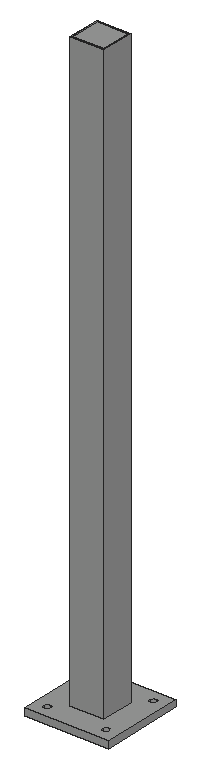
Revit family "ALTERNATING_ALUMINUM_PLANK_PANEL_POST", category Specialty Equipment, Revit 2023
Family settings
  Round Connector Dimension = Use Diameter
  Part Type = Normal
  OmniClass Number = 23.55.00.00
  OmniClass Title = Manufactured Structures
  Work Plane-Based = Yes
  Enable Cutting in Views = No
  Always vertical = No
  Cut with Voids When Loaded = No
  Maintain Annotation Orientation = No
  Shared = No
  Room Calculation Point = No
Parameters (values of type "Assembly")
  Warranty URL = "https://palmshieldlouvers.com/wp-content/uploads/2020/01/PalmSHIELD-Warranty-NO-SIGN-LINE.pdf"
  Version = "2020 - v1.0a"  # constant formula
  URL = "https://palmshieldlouvers.com/"
  Product Page URL = "https://palmshieldlouvers.com/products/mercury-eco-semi-private/"
  Product Documentation Link = "https://palmshieldlouvers.com/wp-content/uploads/2022/01/Mercury-Economic-Alternating-Semi-Private.pdf"
  Post Position [instance] = 1
  Model = "Mercury Economic - Alternating - Semi Private"  # constant formula
  Material = Metal - PalmSHIELD - Dusty Grey
  Manufacturer Phone Number = "531-329-4406 "  # constant formula
  Manufacturer Email = "mailto: info@palmshieldlouvers.com"
  Manufacturer Address = "12330 Cary Circle, La Vista, NE 68128"  # constant formula
  Manufacturer = "PalmSHIELD"  # constant formula
  Keynote = "05 10 00"
  Instruction Sheet Link = "https://palmshieldlouvers.com/wp-content/uploads/2021/09/PalmSHIELD-Mercury-Series-Post-Panel-Gate-Installation-Instructions-2.docx"
  ID [instance] = "Not Assigned"
  Height [instance] = if(Desired Overall Height < C Min Height, C Min Height, if(Desired Overall Height > C Max Height, C Max Height, Desired Overall Height))  # 6' - 0"
  Desired Overall Height [instance] = 6' - 0"
  Description = "Mercury Economic - Alternating - Semi Private - Square Post"  # constant formula
  Default Elevation = 0' - 0"
  Copyright = "Copyright ©2024 The American Fence Company and PalmSHIELD. All Rights Reserved."  # constant formula
  Component Vis [instance] = yes
  Component Name [instance] = "Mercury Economic - Alternating - Semi Private - Square Post"  # constant formula
  C Post Width = 0' - 4"  # constant formula
  C Min Height [instance] = 3' - 4"  # constant formula
  C Max Height [instance] = 6' - 0"  # constant formula
  Assembly Code = "F1020100"
Reference planes (in)
  plane 1 "Center (Front/Back)": y = 0
  plane 2: z = 0
  plane 3 "Center (Left/Right)": x = 0
  plane 4: z = 72
  plane 5: y = 2
  plane 6: y = -2
  plane 7: x = 2
  plane 8: x = -2
Lines and regions (in)
  reference lines
    curve 1: line (-24.29961, 0, 72) -> (24.70039, 0, 72)
Dimensions and locks (in)
  "Desired Overall Height": curve 1 to plane 2
  "Height": plane 4 to plane 2
  equal spacing: plane 8, plane 3 "Center (Left/Right)", plane 7
  equal spacing: plane 5, plane 1 "Center (Front/Back)", plane 6
  "C Post Width": plane 5 to plane 6
  "C Post Width": plane 8 to plane 7
  aligned and locked: plane 2 to level
Automatic sketch dimensions
  curve 1 to plane 8 = 1' - 10.29961"
  curve 1 to plane 7 = 1' - 10.70039"
Nested families (in)
  nested 1: "Screening-Louver-Assembly-Post-Palmshield-Mercury-Economic-Alternating-Semi_Private-Aluminum" at (0, 0, 0), Desired Overall Height <- "Desired Overall Height", Overall Height <- "Height", ID <- "ID", Component Vis <- "Component Vis", Post Position <- "Post Position", visible <- "Component Vis", type "Assembly"
    with Post Position 1, Overall Height 6' - 0", ID "Not Assigned", Desired Overall Height 6' - 0", Component Vis (Single) yes, Component Vis (Double) no, Component Vis yes, Component Name "Mercury Economic Alternating Semi Private - Post Assembly", C Post Offset 0' - 0"
  nested 2: "Nested-Base_Plate-Palmshield-Mercury_Economic" at (0, 0, 0), type "10" x 10" x 3/4""
    with Material Metal - PalmSHIELD - Dusty Grey, ID "Not Assigned", Component Vis yes, Component Name "Mercury Economic - Aluminum - Base Plate"
  nested 3: "Nested-Square_Post-Aluminum-Palmshield-Mercury_Economic" at (0, 0, 0.75), type "4" X 4" X 1/8" SQ. TUBE"
    with Material Metal - PalmSHIELD - Dusty Grey, Length 5' - 11 1/4", ID "Not Assigned", Component Vis yes, Component Name "Mercury Economic - Aluminum - Square Post"
  nested 4: "Nested-Top_Cap-Palmshield-Mercury_Economic" at (0, 0, 72) x (1, 0, 0) z (0, 0, -1), type "3 3/4" x 3 3/4" x 1/8""
    with Material Metal - PalmSHIELD - Dusty Grey, ID "Not Assigned", Component Vis yes, Component Name "Mercury Economic - Aluminum - Square Top Cap"
Definition of nested family "Nested-Base_Plate-Palmshield-Mercury_Economic"
  Parameters (values of type "10" x 14" x 3/4"")
    Width = if(Constraints = 1, 0' 10", 1' 2")  # 1' - 2"
    Warranty URL = "https://palmshieldlouvers.com/wp-content/uploads/2020/01/PalmSHIELD-Warranty-NO-SIGN-LINE.pdf"
    Version = "2020 - v1.0a"  # constant formula
    URL = "https://palmshieldlouvers.com/"
    Thickness = 0' - 0 3/4"  # constant formula
    Product Page URL = "Contact Manufacturer for More Information"
    Product Documentation Link = "Contact Manufacturer for More Information"
    Model = "Mercury Economic"  # constant formula
    Material [instance] = none
    Manufacturer Phone Number = "531-329-4406 "  # constant formula
    Manufacturer Fax Number = "Consult Manufacturer Website for More Information"  # constant formula
    Manufacturer Email = "mailto: info@palmshieldlouvers.com"
    Manufacturer Address = "12330 Cary Circle, La Vista, NE 68128"  # constant formula
    Manufacturer = "PalmSHIELD"  # constant formula
    Keynote = "05 10 00"
    Instruction Sheet Link = "Contact Manufacturer for More Information"
    ID [instance] = ""
    Hole Diameter = 0' - 0 3/4"  # constant formula
    Height = 0' - 10"  # constant formula
    Description = "Mercury Economic - Base Plate"  # constant formula
    Default Elevation = 4' - 0"
    Copyright = "Copyright ©2024 The American Fence Company and PalmSHIELD. All Rights Reserved."  # constant formula
    Constraints = 2
    Component Vis [instance] = yes
    Component Name [instance] = "Mercury Economic - Aluminum - Base Plate"  # constant formula
    C Hole Offset = 0' - 1 1/2"  # constant formula
    Assembly Code = "F1020100"
  Types (2): name | Width | Constraints
    10" x 10" x 3/4" | 0' - 10" | 1
    10" x 14" x 3/4" | 1' - 2" | 2
  Reference planes (in)
    plane 1 "Center (Front/Back)": y = 0
    plane 2: z = 0
    plane 3 "Center (Left/Right)": x = 0
    plane 4: y = 5
    plane 5: x = 7
    plane 6: y = -5
    plane 7: x = -7
    plane 8: z = 0.75
  Forms (in)
    Extrusion 1, solid
      sketch origin (0, 0, 0) x (1, 0, 0) y (0, 1, 0)
        loop
          line (-48, 48) -> (-48, -48) -> (48, -48) -> (48, 48) -> (-48, 48)
      from 0 to -12
    Extrusion 2, solid, material <- "Material", visible <- "Component Vis"
      sketch origin (0, 0, 0) x (1, 0, 0) y (0, 1, 0)
        loop
          line (-7, 5) -> (-7, -5) -> (7, -5) -> (7, 5) -> (-7, 5)
        loop
          circle (-5.5, 3.5) r 0.375
        loop
          circle (5.5, 3.5) r 0.375
        loop
          circle (-5.5, -3.5) r 0.375
        loop
          circle (5.5, -3.5) r 0.375
      from 0 to 0.75
  Dimensions and locks (in)
    equal spacing: plane 7, plane 3 "Center (Left/Right)", plane 5
    equal spacing: plane 4, plane 1 "Center (Front/Back)", plane 6
    "Width": plane 7 to plane 5
    "Height": plane 4 to plane 6
    "C Hole Offset": plane 7 to Extrusion 2 sketch curve  (x2)
    "C Hole Offset": Extrusion 2 sketch curve to plane 5  (x2)
    "C Hole Offset": plane 4 to Extrusion 2 sketch curve  (x2)
    "C Hole Offset": plane 6 to Extrusion 2 sketch curve  (x2)
    "Thickness": plane 8 to plane 2
    "Width": Extrusion 2 to Extrusion 2
    "Hole Diameter": diameter of Extrusion 2 sketch curve  (x4)
    aligned and locked: plane 2 to Extrusion 1
    aligned and locked: level to Extrusion 1
    aligned and locked: Extrusion 2 sketch curve to plane 4
    aligned and locked: plane 7 to Extrusion 2 sketch curve
    aligned and locked: Extrusion 2 sketch curve to plane 6
    aligned and locked: Extrusion 2 sketch curve to plane 5
    aligned and locked: plane 8 to Extrusion 2
  Automatic sketch dimensions
    Extrusion 1 sketch curve to Extrusion 1 sketch curve = 8' - 0"  (x2)
Definition of nested family "Nested-Square_Post-Aluminum-Palmshield-Mercury_Economic"
  Parameters (values of type "4" X 4" X 1/8" SQ. TUBE")
    Width = 0' - 4"  # constant formula
    Warranty URL = "https://palmshieldlouvers.com/wp-content/uploads/2020/01/PalmSHIELD-Warranty-NO-SIGN-LINE.pdf"
    Version = "2020 - v1.0a"  # constant formula
    URL = "https://palmshieldlouvers.com/"
    Thickness = 0' - 0 1/8"  # constant formula
    Product Page URL = "Contact Manufacturer for More Information"
    Product Documentation Link = "Contact Manufacturer for More Information"
    Model = "Mercury Economic"  # constant formula
    Material [instance] = none
    Manufacturer Phone Number = "531-329-4406 "  # constant formula
    Manufacturer Fax Number = "Consult Manufacturer Website for More Information"  # constant formula
    Manufacturer Email = "mailto: info@palmshieldlouvers.com"
    Manufacturer Address = "12330 Cary Circle, La Vista, NE 68128"  # constant formula
    Manufacturer = "PalmSHIELD"  # constant formula
    Length [instance] = 4' - 4.86713"
    Keynote = "05 10 00"
    Instruction Sheet Link = "Contact Manufacturer for More Information"
    ID [instance] = ""
    Description = "Mercury Economic - Post"  # constant formula
    Default Elevation = 4' - 0"
    Copyright = "Copyright ©2024 The American Fence Company and PalmSHIELD. All Rights Reserved."  # constant formula
    Component Vis [instance] = yes
    Component Name [instance] = "Mercury Economic - Aluminum - Square Post"  # constant formula
    Assembly Code = "F1020100"
  Reference planes (in)
    plane 1 "Center (Front/Back)": y = 0
    plane 2: z = 0
    plane 3 "Center (Left/Right)": x = 0
    plane 4: z = 52.86713
    plane 5: x = 2
    plane 6: x = -2
  Forms (in)
    Extrusion 1, solid
      sketch origin (0, 0, 0) x (1, 0, 0) y (0, 1, 0)
        loop
          line (-48, 48) -> (-48, -48) -> (48, -48) -> (48, 48) -> (-48, 48)
      from 0 to -12
    Sweep 2, solid, material <- "Material", visible <- "Component Vis"
      path origin (0, 0, 0) x (0, 1, 0) y (0, 0, 1)
        loop
          line (0, 0) -> (0, 52.86713)
      profile "Profile-Palmshield-Square : 4" X 4" X 1/8" SQ. TUBE" origin (0, 0, 26.43357) x (0, -1, 0) y (1, 0, 0)
        loop
          line (1.875, 1.875) -> (-1.875, 1.875) -> (-1.875, -1.875) -> (1.875, -1.875) -> (1.875, 1.875)
        loop
          line (-2, -2) -> (2, -2) -> (2, 2) -> (-2, 2) -> (-2, -2)
  Dimensions and locks (in)
    "Length": plane 4 to plane 2
    equal spacing: plane 5, plane 3 "Center (Left/Right)", plane 6
    "Width": plane 5 to plane 6
    aligned and locked: plane 2 to Extrusion 1
    aligned and locked: level to Extrusion 1
    aligned and locked: plane 1 "Center (Front/Back)" to Sweep 2 sketch curve
    aligned and locked: plane 4 to Sweep 2 sketch curve
  Automatic sketch dimensions
    Extrusion 1 sketch curve to Extrusion 1 sketch curve = 8' - 0"  (x2)
    Sweep 2 sketch curve to level = 0' - 0"
Definition of nested family "Nested-Top_Cap-Palmshield-Mercury_Economic"
  Parameters (values of type "3 3/4" x 3 3/4" x 1/8"")
    Width = 0' 4" - 2 * Thickness  # 0' - 3 3/4"
    Warranty URL = "https://palmshieldlouvers.com/wp-content/uploads/2020/01/PalmSHIELD-Warranty-NO-SIGN-LINE.pdf"
    Version = "2020 - v1.0a"  # constant formula
    URL = "https://palmshieldlouvers.com/"
    Thickness = 0' - 0 1/8"  # constant formula
    Product Page URL = "Contact Manufacturer for More Information"
    Product Documentation Link = "Contact Manufacturer for More Information"
    Model = "Mercury Economic"  # constant formula
    Material [instance] = none
    Manufacturer Phone Number = "531-329-4406 "  # constant formula
    Manufacturer Fax Number = "Consult Manufacturer Website for More Information"  # constant formula
    Manufacturer Email = "mailto: info@palmshieldlouvers.com"
    Manufacturer Address = "12330 Cary Circle, La Vista, NE 68128"  # constant formula
    Manufacturer = "PalmSHIELD"  # constant formula
    Keynote = "05 10 00"
    Instruction Sheet Link = "Contact Manufacturer for More Information"
    ID [instance] = ""
    Description = "Mercury Economic - Top Cap"  # constant formula
    Default Elevation = 4' - 0"
    Copyright = "Copyright ©2024 The American Fence Company and PalmSHIELD. All Rights Reserved."  # constant formula
    Component Vis [instance] = yes
    Component Name [instance] = "Mercury Economic - Aluminum - Square Top Cap"  # constant formula
    Assembly Code = "F1020100"
  Reference planes (in)
    plane 1 "Center (Front/Back)": y = 0
    plane 2: z = 0
    plane 3 "Center (Left/Right)": x = 0
    plane 4: y = 1.875
    plane 5: x = 1.875
    plane 6: y = -1.875
    plane 7: x = -1.875
    plane 8: z = 0.125
  Forms (in)
    Extrusion 1, solid
      sketch origin (0, 0, 0) x (1, 0, 0) y (0, 1, 0)
        loop
          line (-48, 48) -> (-48, -48) -> (48, -48) -> (48, 48) -> (-48, 48)
      from 0 to -12
    Extrusion 2, solid, material <- "Material", visible <- "Component Vis"
      sketch origin (0, 0, 0) x (1, 0, 0) y (0, 1, 0)
        loop
          line (-1.875, 1.875) -> (-1.875, -1.875) -> (1.875, -1.875) -> (1.875, 1.875) -> (-1.875, 1.875)
      from 0 to 0.125
  Dimensions and locks (in)
    equal spacing: plane 7, plane 3 "Center (Left/Right)", plane 5
    equal spacing: plane 4, plane 1 "Center (Front/Back)", plane 6
    "Width": plane 7 to plane 5
    "Width": plane 4 to plane 6
    "Thickness": plane 8 to plane 2
    aligned and locked: plane 2 to Extrusion 1
    aligned and locked: level to Extrusion 1
    aligned and locked: Extrusion 2 sketch curve to plane 4
    aligned and locked: plane 7 to Extrusion 2 sketch curve
    aligned and locked: Extrusion 2 sketch curve to plane 6
    aligned and locked: Extrusion 2 sketch curve to plane 5
    aligned and locked: plane 8 to Extrusion 2
  Automatic sketch dimensions
    Extrusion 1 sketch curve to Extrusion 1 sketch curve = 8' - 0"  (x2)
Definition of nested family "Screening-Louver-Assembly-Post-Palmshield-Mercury-Economic-Alternating-Semi_Private-Aluminum"
  Parameters (values of type "Assembly")
    Width = 0' - 4"  # constant formula
    Warranty URL = "https://palmshieldlouvers.com/wp-content/uploads/2020/01/PalmSHIELD-Warranty-NO-SIGN-LINE.pdf"
    Version = "2020 - v1.0a"  # constant formula
    URL = "https://palmshieldlouvers.com/"
    Top Cap Thickness = 0' - 0 1/8"  # constant formula
    Product Page URL = "https://palmshieldlouvers.com/products/louvers/"
    Product Documentation Link = "https://palmshieldlouvers.com/wp-content/uploads/2022/01/Mercury-Economic-Alternating-Semi-Private.pdf"
    Post Position [instance] = 3
    Overall Height [instance] = if(Desired Overall Height < 3' 0", 3' 0", if(Desired Overall Height > 12' 0", 12' 0", Desired Overall Height))  # 6' - 0"
    Model = "Mercury Economic Alternating Semi Private"  # constant formula
    Material = none
    Manufacturer Phone Number = "531-329-4406 "  # constant formula
    Manufacturer Fax Number = "Consult Manufacturer Website for More Information"  # constant formula
    Manufacturer Email = "mailto: info@palmshieldlouvers.com"
    Manufacturer Address = "12330 Cary Circle, La Vista, NE 68128"  # constant formula
    Manufacturer = "PalmSHIELD"  # constant formula
    Keynote = "05 10 00"
    Instruction Sheet Link = "https://palmshieldlouvers.com/wp-content/uploads/2021/09/PalmSHIELD-Mercury-Series-Post-Panel-Gate-Installation-Instructions-2.docx"
    ID [instance] = "Not Assigned"
    Desired Overall Height [instance] = 6' - 0"
    Description = "Mercury Economic Alternating Semi Private - Post Assembly"  # constant formula
    Default Elevation = 4' - 0"
    Copyright = "Copyright ©2024 The American Fence Company and PalmSHIELD. All Rights Reserved."  # constant formula
    Component Vis (Single) [instance] = and(Component Vis, or(Post Position = 1, Post Position = 3))  # yes
    Component Vis (Double) [instance] = and(Component Vis, Post Position = 2)  # no
    Component Vis [instance] = yes
    Component Name [instance] = "Mercury Economic Alternating Semi Private - Post Assembly"  # constant formula
    C Post Offset [instance] = if(Post Position = 3, 0' 2 1/2", 0' 0")  # 0' - 2 1/2"
    C Panel Offset from Ground = 0' - 2"  # constant formula
    Base Plate Thickness = 0' - 0 3/4"  # constant formula
    Assembly Code = "F1020100"
  Reference planes (in)
    plane 1 "Center (Front/Back)": y = 0
    plane 2: z = 0
    plane 3 "Center (Left/Right)": x = 0
    plane 4: x = 2
    plane 5: x = -2
    plane 6: z = 72
    plane 7: z = 2
  Forms (in)
    Extrusion 1, solid
      sketch origin (0, 0, 0) x (1, 0, 0) y (0, 1, 0)
        loop
          line (-48, 48) -> (-48, -48) -> (48, -48) -> (48, 48) -> (-48, 48)
      from 0 to -12
  Lines and regions (in)
    reference lines
      curve 1: line (-64.16684, 0, 72) -> (79.83316, 0, 72)
  Dimensions and locks (in)
    equal spacing: plane 4, plane 3 "Center (Left/Right)", plane 5
    "Width": plane 4 to plane 5
    "C Panel Offset from Ground": plane 7 to plane 2
    "C Post Offset": plane 3 "Center (Left/Right)" to nested 2
    "C Post Offset": plane 3 "Center (Left/Right)" to nested 3
    "Desired Overall Height": curve 1 to plane 2
    "Overall Height": plane 6 to plane 2
    aligned and locked: plane 2 to Extrusion 1
    aligned and locked: level to Extrusion 1
    aligned and locked: plane 1 "Center (Front/Back)" to nested 1
    aligned and locked: plane 1 "Center (Front/Back)" to nested 3
    aligned and locked: plane 6 to nested 2
    aligned and locked: plane 1 "Center (Front/Back)" to nested 4
    aligned and locked: plane 6 to nested 5
    aligned and locked: plane 6 to nested 6
    aligned and locked: plane 3 "Center (Left/Right)" to nested 5
    aligned and locked: nested 6 to plane 3 "Center (Left/Right)"
    aligned and locked: nested 7 to nested 5
    aligned and locked: plane 4 to nested 8
    aligned and locked: plane 3 "Center (Left/Right)" to nested 4
    aligned and locked: plane 3 "Center (Left/Right)" to nested 1
  Automatic sketch dimensions
    Extrusion 1 sketch curve to Extrusion 1 sketch curve = 8' - 0"  (x2)
    curve 1 to plane 5 = 5' - 2.16684"
    plane 4 to curve 1 = 6' - 5.83316"
  Nested families (in)
    nested 1: "Nested-Base_Plate-Palmshield-Mercury_Economic" at (0, 0, 0), ID <- "ID", Material <- "Material", visible <- "Component Vis (Single)", Component Vis <- "Component Vis (Single)", type "10" x 10" x 3/4""
      with Material none, ID "Not Assigned", Component Vis yes, Component Name "Mercury Economic - Aluminum - Base Plate"
    nested 2: "Nested-Square_Post-Aluminum-Palmshield-Mercury_Economic" at (2.5, 0, 0.75), ID <- "ID", Material <- "Material", visible <- "Component Vis (Single)", Component Vis <- "Component Vis (Single)", type "4" X 4" X 1/8" SQ. TUBE"
      with Material none, Length 5' - 11 1/4", ID "Not Assigned", Component Vis yes, Component Name "Mercury Economic - Aluminum - Square Post"
    nested 3: "Nested-Top_Cap-Palmshield-Mercury_Economic" at (2.5, 0, 72) x (1, 0, 0) z (0, 0, -1), ID <- "ID", Material <- "Material", visible <- "Component Vis (Single)", Component Vis <- "Component Vis (Single)", type "3 3/4" x 3 3/4" x 1/8""
      with Material none, ID "Not Assigned", Component Vis yes, Component Name "Mercury Economic - Aluminum - Square Top Cap"
    nested 4: "Nested-Base_Plate-Palmshield-Mercury_Economic" at (0, 0, 0), ID <- "ID", Material <- "Material", visible <- "Component Vis (Double)", Component Vis <- "Component Vis (Double)", type "10" x 14" x 3/4""
      with Material none, ID "Not Assigned", Component Vis no, Component Name "Mercury Economic - Aluminum - Base Plate"
    nested 5: "Nested-Square_Post-Aluminum-Palmshield-Mercury_Economic" at (-2, 0, 0.75), ID <- "ID", Material <- "Material", visible <- "Component Vis (Double)", Component Vis <- "Component Vis (Double)", type "4" X 4" X 1/8" SQ. TUBE"
      with Material none, Length 5' - 11 1/4", ID "Not Assigned", Component Vis no, Component Name "Mercury Economic - Aluminum - Square Post"
    nested 6: "Nested-Square_Post-Aluminum-Palmshield-Mercury_Economic" at (2, 0, 0.75), ID <- "ID", Material <- "Material", visible <- "Component Vis (Double)", Component Vis <- "Component Vis (Double)", type "4" X 4" X 1/8" SQ. TUBE"
      with Material none, Length 5' - 11 1/4", ID "Not Assigned", Component Vis no, Component Name "Mercury Economic - Aluminum - Square Post"
    nested 7: "Nested-Top_Cap-Palmshield-Mercury_Economic" at (-2, 0, 72) x (1, 0, 0) z (0, 0, -1), ID <- "ID", Material <- "Material", visible <- "Component Vis (Double)", Component Vis <- "Component Vis (Double)", type "3 3/4" x 3 3/4" x 1/8""
      with Material none, ID "Not Assigned", Component Vis no, Component Name "Mercury Economic - Aluminum - Square Top Cap"
    nested 8: "Nested-Top_Cap-Palmshield-Mercury_Economic" at (2, 0, 72) x (1, 0, 0) z (0, 0, -1), ID <- "ID", Material <- "Material", visible <- "Component Vis (Double)", Component Vis <- "Component Vis (Double)", type "3 3/4" x 3 3/4" x 1/8""
      with Material none, ID "Not Assigned", Component Vis no, Component Name "Mercury Economic - Aluminum - Square Top Cap"
  Definition of nested family "Nested-Base_Plate-Palmshield-Mercury_Economic"
    Parameters (values of type "10" x 14" x 3/4"")
      Width = if(Constraints = 1, 0' 10", 1' 2")  # 1' - 2"
      Warranty URL = "https://palmshieldlouvers.com/wp-content/uploads/2020/01/PalmSHIELD-Warranty-NO-SIGN-LINE.pdf"
      Version = "2020 - v1.0a"  # constant formula
      URL = "https://palmshieldlouvers.com/"
      Thickness = 0' - 0 3/4"  # constant formula
      Product Page URL = "Contact Manufacturer for More Information"
      Product Documentation Link = "Contact Manufacturer for More Information"
      Model = "Mercury Economic"  # constant formula
      Material [instance] = none
      Manufacturer Phone Number = "531-329-4406 "  # constant formula
      Manufacturer Fax Number = "Consult Manufacturer Website for More Information"  # constant formula
      Manufacturer Email = "mailto: info@palmshieldlouvers.com"
      Manufacturer Address = "12330 Cary Circle, La Vista, NE 68128"  # constant formula
      Manufacturer = "PalmSHIELD"  # constant formula
      Keynote = "05 10 00"
      Instruction Sheet Link = "Contact Manufacturer for More Information"
      ID [instance] = ""
      Hole Diameter = 0' - 0 3/4"  # constant formula
      Height = 0' - 10"  # constant formula
      Description = "Mercury Economic - Base Plate"  # constant formula
      Default Elevation = 4' - 0"
      Copyright = "Copyright ©2024 The American Fence Company and PalmSHIELD. All Rights Reserved."  # constant formula
      Constraints = 2
      Component Vis [instance] = yes
      Component Name [instance] = "Mercury Economic - Aluminum - Base Plate"  # constant formula
      C Hole Offset = 0' - 1 1/2"  # constant formula
      Assembly Code = "F1020100"
    Types (2): name | Width | Constraints
      10" x 10" x 3/4" | 0' - 10" | 1
      10" x 14" x 3/4" | 1' - 2" | 2
    Reference planes (in)
      plane 1 "Center (Front/Back)": y = 0
      plane 2: z = 0
      plane 3 "Center (Left/Right)": x = 0
      plane 4: y = 5
      plane 5: x = 7
      plane 6: y = -5
      plane 7: x = -7
      plane 8: z = 0.75
    Forms (in)
      Extrusion 1, solid
        sketch origin (0, 0, 0) x (1, 0, 0) y (0, 1, 0)
          loop
            line (-48, 48) -> (-48, -48) -> (48, -48) -> (48, 48) -> (-48, 48)
        from 0 to -12
      Extrusion 2, solid, material <- "Material", visible <- "Component Vis"
        sketch origin (0, 0, 0) x (1, 0, 0) y (0, 1, 0)
          loop
            line (-7, 5) -> (-7, -5) -> (7, -5) -> (7, 5) -> (-7, 5)
          loop
            circle (-5.5, 3.5) r 0.375
          loop
            circle (5.5, 3.5) r 0.375
          loop
            circle (-5.5, -3.5) r 0.375
          loop
            circle (5.5, -3.5) r 0.375
        from 0 to 0.75
    Dimensions and locks (in)
      equal spacing: plane 7, plane 3 "Center (Left/Right)", plane 5
      equal spacing: plane 4, plane 1 "Center (Front/Back)", plane 6
      "Width": plane 7 to plane 5
      "Height": plane 4 to plane 6
      "C Hole Offset": plane 7 to Extrusion 2 sketch curve  (x2)
      "C Hole Offset": Extrusion 2 sketch curve to plane 5  (x2)
      "C Hole Offset": plane 4 to Extrusion 2 sketch curve  (x2)
      "C Hole Offset": plane 6 to Extrusion 2 sketch curve  (x2)
      "Thickness": plane 8 to plane 2
      "Width": Extrusion 2 to Extrusion 2
      "Hole Diameter": diameter of Extrusion 2 sketch curve  (x4)
      aligned and locked: plane 2 to Extrusion 1
      aligned and locked: level to Extrusion 1
      aligned and locked: Extrusion 2 sketch curve to plane 4
      aligned and locked: plane 7 to Extrusion 2 sketch curve
      aligned and locked: Extrusion 2 sketch curve to plane 6
      aligned and locked: Extrusion 2 sketch curve to plane 5
      aligned and locked: plane 8 to Extrusion 2
    Automatic sketch dimensions
      Extrusion 1 sketch curve to Extrusion 1 sketch curve = 8' - 0"  (x2)
  Definition of nested family "Nested-Square_Post-Aluminum-Palmshield-Mercury_Economic"
    Parameters (values of type "4" X 4" X 1/8" SQ. TUBE")
      Width = 0' - 4"  # constant formula
      Warranty URL = "https://palmshieldlouvers.com/wp-content/uploads/2020/01/PalmSHIELD-Warranty-NO-SIGN-LINE.pdf"
      Version = "2020 - v1.0a"  # constant formula
      URL = "https://palmshieldlouvers.com/"
      Thickness = 0' - 0 1/8"  # constant formula
      Product Page URL = "Contact Manufacturer for More Information"
      Product Documentation Link = "Contact Manufacturer for More Information"
      Model = "Mercury Economic"  # constant formula
      Material [instance] = none
      Manufacturer Phone Number = "531-329-4406 "  # constant formula
      Manufacturer Fax Number = "Consult Manufacturer Website for More Information"  # constant formula
      Manufacturer Email = "mailto: info@palmshieldlouvers.com"
      Manufacturer Address = "12330 Cary Circle, La Vista, NE 68128"  # constant formula
      Manufacturer = "PalmSHIELD"  # constant formula
      Length [instance] = 4' - 4.86713"
      Keynote = "05 10 00"
      Instruction Sheet Link = "Contact Manufacturer for More Information"
      ID [instance] = ""
      Description = "Mercury Economic - Post"  # constant formula
      Default Elevation = 4' - 0"
      Copyright = "Copyright ©2024 The American Fence Company and PalmSHIELD. All Rights Reserved."  # constant formula
      Component Vis [instance] = yes
      Component Name [instance] = "Mercury Economic - Aluminum - Square Post"  # constant formula
      Assembly Code = "F1020100"
    Reference planes (in)
      plane 1 "Center (Front/Back)": y = 0
      plane 2: z = 0
      plane 3 "Center (Left/Right)": x = 0
      plane 4: z = 52.86713
      plane 5: x = 2
      plane 6: x = -2
    Forms (in)
      Extrusion 1, solid
        sketch origin (0, 0, 0) x (1, 0, 0) y (0, 1, 0)
          loop
            line (-48, 48) -> (-48, -48) -> (48, -48) -> (48, 48) -> (-48, 48)
        from 0 to -12
      Sweep 2, solid, material <- "Material", visible <- "Component Vis"
        path origin (0, 0, 0) x (0, 1, 0) y (0, 0, 1)
          loop
            line (0, 0) -> (0, 52.86713)
        profile "Profile-Palmshield-Square : 4" X 4" X 1/8" SQ. TUBE" origin (0, 0, 26.43357) x (0, -1, 0) y (1, 0, 0)
          loop
            line (1.875, 1.875) -> (-1.875, 1.875) -> (-1.875, -1.875) -> (1.875, -1.875) -> (1.875, 1.875)
          loop
            line (-2, -2) -> (2, -2) -> (2, 2) -> (-2, 2) -> (-2, -2)
    Dimensions and locks (in)
      "Length": plane 4 to plane 2
      equal spacing: plane 5, plane 3 "Center (Left/Right)", plane 6
      "Width": plane 5 to plane 6
      aligned and locked: plane 2 to Extrusion 1
      aligned and locked: level to Extrusion 1
      aligned and locked: plane 1 "Center (Front/Back)" to Sweep 2 sketch curve
      aligned and locked: plane 4 to Sweep 2 sketch curve
    Automatic sketch dimensions
      Extrusion 1 sketch curve to Extrusion 1 sketch curve = 8' - 0"  (x2)
      Sweep 2 sketch curve to level = 0' - 0"
  Definition of nested family "Nested-Top_Cap-Palmshield-Mercury_Economic"
    Parameters (values of type "3 3/4" x 3 3/4" x 1/8"")
      Width = 0' 4" - 2 * Thickness  # 0' - 3 3/4"
      Warranty URL = "https://palmshieldlouvers.com/wp-content/uploads/2020/01/PalmSHIELD-Warranty-NO-SIGN-LINE.pdf"
      Version = "2020 - v1.0a"  # constant formula
      URL = "https://palmshieldlouvers.com/"
      Thickness = 0' - 0 1/8"  # constant formula
      Product Page URL = "Contact Manufacturer for More Information"
      Product Documentation Link = "Contact Manufacturer for More Information"
      Model = "Mercury Economic"  # constant formula
      Material [instance] = none
      Manufacturer Phone Number = "531-329-4406 "  # constant formula
      Manufacturer Fax Number = "Consult Manufacturer Website for More Information"  # constant formula
      Manufacturer Email = "mailto: info@palmshieldlouvers.com"
      Manufacturer Address = "12330 Cary Circle, La Vista, NE 68128"  # constant formula
      Manufacturer = "PalmSHIELD"  # constant formula
      Keynote = "05 10 00"
      Instruction Sheet Link = "Contact Manufacturer for More Information"
      ID [instance] = ""
      Description = "Mercury Economic - Top Cap"  # constant formula
      Default Elevation = 4' - 0"
      Copyright = "Copyright ©2024 The American Fence Company and PalmSHIELD. All Rights Reserved."  # constant formula
      Component Vis [instance] = yes
      Component Name [instance] = "Mercury Economic - Aluminum - Square Top Cap"  # constant formula
      Assembly Code = "F1020100"
    Reference planes (in)
      plane 1 "Center (Front/Back)": y = 0
      plane 2: z = 0
      plane 3 "Center (Left/Right)": x = 0
      plane 4: y = 1.875
      plane 5: x = 1.875
      plane 6: y = -1.875
      plane 7: x = -1.875
      plane 8: z = 0.125
    Forms (in)
      Extrusion 1, solid
        sketch origin (0, 0, 0) x (1, 0, 0) y (0, 1, 0)
          loop
            line (-48, 48) -> (-48, -48) -> (48, -48) -> (48, 48) -> (-48, 48)
        from 0 to -12
      Extrusion 2, solid, material <- "Material", visible <- "Component Vis"
        sketch origin (0, 0, 0) x (1, 0, 0) y (0, 1, 0)
          loop
            line (-1.875, 1.875) -> (-1.875, -1.875) -> (1.875, -1.875) -> (1.875, 1.875) -> (-1.875, 1.875)
        from 0 to 0.125
    Dimensions and locks (in)
      equal spacing: plane 7, plane 3 "Center (Left/Right)", plane 5
      equal spacing: plane 4, plane 1 "Center (Front/Back)", plane 6
      "Width": plane 7 to plane 5
      "Width": plane 4 to plane 6
      "Thickness": plane 8 to plane 2
      aligned and locked: plane 2 to Extrusion 1
      aligned and locked: level to Extrusion 1
      aligned and locked: Extrusion 2 sketch curve to plane 4
      aligned and locked: plane 7 to Extrusion 2 sketch curve
      aligned and locked: Extrusion 2 sketch curve to plane 6
      aligned and locked: Extrusion 2 sketch curve to plane 5
      aligned and locked: plane 8 to Extrusion 2
    Automatic sketch dimensions
      Extrusion 1 sketch curve to Extrusion 1 sketch curve = 8' - 0"  (x2)
